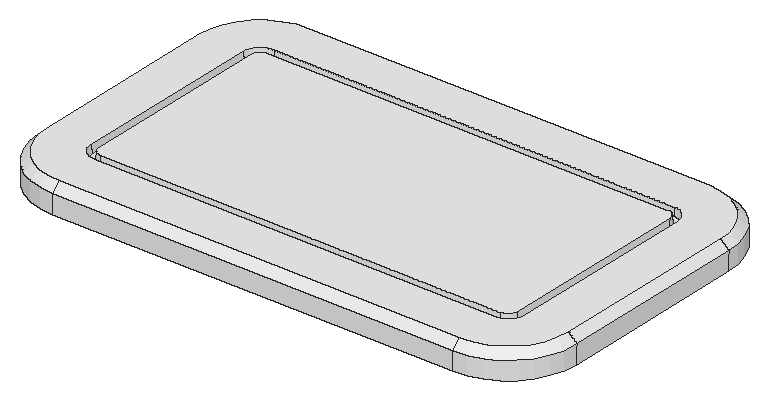
Revit family "Ifö Spira Art Floorstanding WC 6240", category Generic Models, Revit 2015
Parameters (values of type "Ifö Spira Art Floorstanding WC 6240")
  ifcExportType = "TOILETPAN"
  ifcExportAs = "IfcSanitaryTerminalType"
  WithoutSeat = not(WithSeat)  # no
  WithSeat = yes
  Width = 355.00 mm
  WasteConnectionDiameter = 110.00 mm
  WarrantyStartDate = "n/a"
  WarrantyGuarantorParts = "n/a"
  WarrantyGuarantorLabor = "n/a"
  WarrantyDurationUnit = "n/a"
  WarrantyDurationParts = "n/a"
  WarrantyDurationLabor = "n/a"
  WarrantyDescription = "n/a"
  URL.se = "http://www.ifo.se/produkter/toaletter-bideer-urinoarer/"
  URL.no = "http://www.ifosanitar.no/produkter/toaletter-bideer-og-urinaler/"
  URL.dk = "http://www.ifo.dk/produkter/toiletter-bideter-og-urinaler/"
  URL = "n/a"
  Type Comments = "n/a"
  Type = "Building element"
  TagNumber = "n/a"
  SustainabilityPerformance = "n/a"
  Size = "355x860x650"
  Shape = "n/a"
  Serie = "Spira Art"
  SerialNumber = "n/a"
  Seatnotincluded(option) = yes
  ReplacementCost = "n/a"
  NominalWidth = 355.00 mm
  NominalHeight = 860.00 mm
  NominalDepth = 650.00 mm
  Name = "Ifö Spira Art floorstanding WC 6240"
  MountingHeight(offset) = 420.00 mm
  ModelReference = "Spira Art"
  ModelNumber = "6240"
  Model = "Ifö Spira Art WC 6240"
  Material = "Porcelain"
  Manufacturer = "Geberit"
  Keynote = "n/a"
  InstallationDate = "n/a"
  Height = 860.00 mm
  Grade = "n/a"
  FlushButtonMaterial = Ifö Chrome
  Finish = "Glazed"
  Features = "feature1, feature2, feature34"
  ExpectedLife = "n/a"
  DurationUnit = "n/a"
  DrainSize = 0.00 mm
  Description = "Ifö Spira Art floorstanding WC 6240"
  Depth = 650.00 mm
  Constituents = "n/a"
  ConnectorOut_OffsetFromWall = 300.00 mm
  ConnectorIn_OffsetFromWall = 100.00 mm
  ConnectorIn_HDistance = 125.00 mm
  Color = "White"
  ColdWaterConnectionHeight = 340.00 mm
  ColdWaterConnectionDiameter = 20.00 mm
  CodePerformance = "n/a"
  Category = "WC"
  CE labeling = "n/a"
  Brand = "Ifö"
  BarCode = "n/a"
  BIMObjectName = "Ifö Spira Art Floorstanding WC 6240"
  AssetType = "n/a"
  AssetIdentifier = "n/a"
  AccessibilityPerformance = "n/a"
Reference planes
  plane 1 "Center (Front/Back)": y = 0
  plane 2: z = 0
  plane 3 "Center (Left/Right)": x = 0
  plane 4 "Out": z = 0
  plane 5 "In": z = 340
Forms (mm)
  Sweep 1, solid, material "Ifö Chrome" <- "FlushButtonMaterial"
    path in 3D
      loop
        arc (-33.1, -121.86, 851.874) -> (-32.338, -123.698, 851.874) -> (-30.5, -124.46, 851.874) r 2.6
        line (-30.5, -124.46, 851.874) -> (30.5, -124.46, 851.874)
        arc (30.5, -124.46, 851.874) -> (32.338, -123.698, 851.874) -> (33.1, -121.86, 851.874) r 2.6
        line (33.1, -121.86, 851.874) -> (33.1, -92.86, 851.874)
        arc (33.1, -92.86, 851.874) -> (32.338, -91.021, 851.874) -> (30.5, -90.26, 851.874) r 2.6
        line (30.5, -90.26, 851.874) -> (-30.5, -90.26, 851.874)
        arc (-30.5, -90.26, 851.874) -> (-32.338, -91.021, 851.874) -> (-33.1, -92.86, 851.874) r 2.6
        line (-33.1, -92.86, 851.874) -> (-33.1, -121.86, 851.874)
    profile origin (-33.1, -107.36, 851.874) x (1, 0, 0) y (0, 0, 1)
      loop
        line (0, 0) -> (-6.649, 0) -> (-7.9, -1.251) -> (-7.9, -4) -> (2.195, -4) -> (2.195, 0) -> (1.2, 0) -> (1.1, -1.251) -> (0.1, -1.251) -> (0, 0)
  Extrusion 2, solid, material "Ifö Chrome" <- "FlushButtonMaterial"
    sketch origin (-396.256, -18.358, 863.386) x (-1, 0, 0) y (0, -1, 0)
      loop
        line (-365.351, 103.906) -> (-427.16, 103.906) -> (-427.16, 74.097) -> (-365.351, 74.097) -> (-365.351, 103.906)
    from -15.513 to -11.513
Cuts and joins
  joined: Sweep 1, Extrusion 2
Lines and regions (mm)
  Masking region 1, visible <- "WithSeat"
    outline origin (0, 0, 0) x (0, 1, 0) y (0, 0, 1)
      loop
        arc (-642.466, 416.528) -> (-643.337, 416.501) -> (-644.205, 416.419) r 13.91
        arc (-644.205, 416.419) -> (-645.058, 416.24) -> (-645.871, 415.925) r 5.353
        arc (-645.871, 415.925) -> (-646.889, 415.118) -> (-647.472, 413.956) r 3
        arc (-647.472, 413.956) -> (-647.687, 412.807) -> (-647.76, 411.64) r 9.576
        arc (-647.76, 411.64) -> (-647.46, 408.083) -> (-646.555, 404.63) r 20.781
        arc (-646.555, 404.63) -> (-646.371, 403.978) -> (-646.171, 403.33) r 26.411
        arc (-646.171, 403.33) -> (-644.76, 399.368) -> (-643.12, 395.495) r 71.986
        arc (-643.12, 395.495) -> (-640.234, 388.966) -> (-637.524, 382.361) r 265.244
        arc (-637.524, 382.361) -> (-635.584, 377.373) -> (-633.695, 372.364) r 528.602
        arc (-633.695, 372.364) -> (-631.36, 366.358) -> (-628.844, 360.426) r 212.346
        arc (-628.844, 360.426) -> (-626.542, 355.16) -> (-624.287, 349.875) r 661.863
        arc (-624.287, 349.875) -> (-622.491, 345.818) -> (-620.552, 341.827) r 125.019
        arc (-620.552, 341.827) -> (-612.314, 325.656) -> (-604.034, 309.506) r 7255.77
        arc (-604.034, 309.506) -> (-598.894, 299.766) -> (-593.548, 290.136) r 518.645
        arc (-593.548, 290.136) -> (-591.617, 286.736) -> (-589.692, 283.333) r 2113.119
        arc (-589.692, 283.333) -> (-588.392, 281.057) -> (-587.065, 278.797) r 233.756
        arc (-587.065, 278.797) -> (-585.234, 275.7) -> (-583.417, 272.595) r 807.075
        arc (-583.417, 272.595) -> (-572.033, 255.38) -> (-559.286, 239.149) r 253.359
        arc (-559.286, 239.149) -> (-556.978, 236.479) -> (-554.635, 233.839) r 275.965
        arc (-554.635, 233.839) -> (-538.534, 215.663) -> (-521.65, 198.211) r 552.843
        arc (-521.65, 198.211) -> (-507.954, 183.585) -> (-495.416, 167.956) r 261.914
        arc (-495.416, 167.956) -> (-484.599, 149.756) -> (-478.873, 129.374) r 80.912
        arc (-478.873, 129.374) -> (-477.417, 115.921) -> (-476.899, 102.398) r 194.402
        arc (-476.899, 102.398) -> (-477.011, 84.275) -> (-477.47, 66.158) r 945.805
        line (-477.47, 66.158) -> (-479.78, 0) -> (-2.223, 0) -> (-2.223, 366.715)
        arc (-2.223, 366.715) -> (-2.325, 389.56) -> (-2.63, 412.403) r 2567.809
        arc (-2.63, 412.403) -> (-2.863, 419.352) -> (-3.315, 426.29) r 220.719
        arc (-3.315, 426.29) -> (-3.782, 429.786) -> (-4.61, 433.213) r 33.888
        arc (-4.61, 433.213) -> (-5.609, 434.858) -> (-7.289, 435.799) r 3.785
        arc (-7.289, 435.799) -> (-9.971, 436.374) -> (-12.692, 436.721) r 32.56
        arc (-12.692, 436.721) -> (-23.26, 437.394) -> (-33.848, 437.619) r 249.693
        line (-33.848, 437.619) -> (-165.159, 437.619)
        arc (-165.159, 437.619) -> (-170.226, 437.588) -> (-175.292, 437.493) r 407.838
        arc (-175.292, 437.493) -> (-181.211, 436.282) -> (-186.343, 433.093) r 17.153
        line (-186.343, 433.093) -> (-199.585, 421.169)
        arc (-199.585, 421.169) -> (-201.92, 419.445) -> (-204.542, 418.203) r 15
        arc (-204.542, 418.203) -> (-209.297, 416.883) -> (-214.196, 416.286) r 33.04
        arc (-214.196, 416.286) -> (-217.282, 416.158) -> (-220.369, 416.06) r 310.603
        arc (-220.369, 416.06) -> (-223.07, 417.952) -> (-225.559, 420.115) r 31.685
        arc (-225.559, 420.115) -> (-227.679, 422.422) -> (-229.507, 424.966) r 26.056
        arc (-229.507, 424.966) -> (-231.688, 428.502) -> (-233.797, 432.082) r 204.726
        arc (-233.797, 432.082) -> (-233.656, 435.935) -> (-234.664, 439.656) r 12.85
        arc (-234.664, 439.656) -> (-234.489, 440.704) -> (-234.485, 441.766) r 6.519
        arc (-234.485, 441.766) -> (-234.561, 442.385) -> (-234.691, 442.996) r 7.157
        arc (-234.691, 442.996) -> (-234.865, 443.512) -> (-235.11, 444) r 3.839
        arc (-235.11, 444) -> (-235.381, 444.405) -> (-235.693, 444.781) r 4.708
        arc (-235.693, 444.781) -> (-236.221, 445.275) -> (-236.817, 445.687) r 4.906
        arc (-236.817, 445.687) -> (-237.627, 446.096) -> (-238.483, 446.399) r 7.151
        arc (-238.483, 446.399) -> (-239.743, 446.695) -> (-241.024, 446.875) r 14.134
        arc (-241.024, 446.875) -> (-242.26, 446.96) -> (-243.498, 446.986) r 25.477
        arc (-243.498, 446.986) -> (-244.654, 447.2) -> (-245.824, 447.309) r 12.85
        arc (-245.824, 447.309) -> (-242.686, 455.162) -> (-239.757, 463.095) r 318.94
        arc (-239.757, 463.095) -> (-239.77, 465.681) -> (-241.43, 467.665) r 3.815
        arc (-241.43, 467.665) -> (-242.889, 468.375) -> (-244.437, 468.861) r 10.864
        arc (-244.437, 468.861) -> (-246.778, 469.296) -> (-249.149, 469.519) r 26.359
        arc (-249.149, 469.519) -> (-252.605, 469.619) -> (-256.061, 469.584) r 88.485
        arc (-256.061, 469.584) -> (-262.374, 469.353) -> (-268.683, 469.038) r 467.709
        arc (-268.683, 469.038) -> (-287.778, 467.994) -> (-306.876, 467.031) r 4523.199
        arc (-306.876, 467.031) -> (-317.282, 466.439) -> (-327.676, 465.668) r 607.985
        arc (-327.676, 465.668) -> (-423.698, 459.378) -> (-519.576, 451.188) r 4858.045
        line (-519.576, 451.188) -> (-606.887, 443.243)
        arc (-606.887, 443.243) -> (-623.443, 441.82) -> (-639.987, 440.262) r 2043.109
        arc (-639.987, 440.262) -> (-644.555, 439.709) -> (-649.094, 438.95) r 101.972
        arc (-649.094, 438.95) -> (-651.588, 438.4) -> (-654.046, 437.705) r 44.043
        arc (-654.046, 437.705) -> (-655.759, 437.066) -> (-657.396, 436.25) r 17.327
        arc (-657.396, 436.25) -> (-658.308, 435.616) -> (-659.088, 434.823) r 6.008
        arc (-659.088, 434.823) -> (-659.358, 434.448) -> (-659.579, 434.041) r 3.743
        arc (-659.579, 434.041) -> (-659.81, 433.28) -> (-659.817, 432.485) r 2.792
        arc (-659.817, 432.485) -> (-659.7, 431.863) -> (-659.517, 431.256) r 6.012
        arc (-659.517, 431.256) -> (-659.258, 430.678) -> (-658.914, 430.147) r 4.147
        arc (-658.914, 430.147) -> (-658.114, 430.181) -> (-657.314, 430.21) r 104.014
        arc (-657.314, 430.21) -> (-635.336, 430.799) -> (-613.352, 431.177) r 2282.141
        line (-613.352, 431.177) -> (-314.665, 434.871)
        arc (-314.665, 434.871) -> (-308.932, 434.933) -> (-303.199, 434.977) r 1854.73
        arc (-303.199, 434.977) -> (-305.231, 434.334) -> (-307.326, 433.937) r 17.832
        arc (-307.326, 433.937) -> (-323.691, 432) -> (-340.091, 430.375) r 868.8
        arc (-340.091, 430.375) -> (-392.735, 426.541) -> (-445.478, 424.463) r 1585.154
        arc (-445.478, 424.463) -> (-504.951, 423.769) -> (-564.425, 424.389) r 2690.213
        arc (-564.425, 424.389) -> (-598.955, 424.829) -> (-633.487, 424.667) r 1978.028
        arc (-633.487, 424.667) -> (-640.51, 424.51) -> (-647.53, 424.227) r 391.884
        arc (-647.53, 424.227) -> (-649.827, 423.933) -> (-652.051, 423.285) r 14.87
        arc (-652.051, 423.285) -> (-653.223, 422.712) -> (-654.266, 421.929) r 6.939
        arc (-654.266, 421.929) -> (-654.748, 421.381) -> (-655.095, 420.739) r 3.25
        arc (-655.095, 420.739) -> (-655.287, 420.147) -> (-655.396, 419.534) r 4.511
        arc (-655.396, 419.534) -> (-655.426, 418.966) -> (-655.393, 418.398) r 5.183
        arc (-655.393, 418.398) -> (-655.286, 417.702) -> (-655.123, 417.017) r 8.825
        arc (-655.123, 417.017) -> (-645.569, 417.038) -> (-636.014, 417.092) r 2811.291
        arc (-636.014, 417.092) -> (-624.567, 417.164) -> (-613.119, 417.213) r 5518.219
        line (-613.119, 417.213) -> (-611.932, 416.528) -> (-642.466, 416.528)
      loop
        arc (-297.595, 416.512) -> (-274.228, 416.47) -> (-250.863, 416.16) r 2041.512
        line (-250.863, 416.16) -> (-254.536, 424.509)
        arc (-254.536, 424.509) -> (-258.207, 429.35) -> (-259.243, 435.336) r 12.85
        arc (-259.243, 435.336) -> (-260.778, 435.21) -> (-262.314, 435.112) r 84.838
        arc (-262.314, 435.112) -> (-264.374, 434.357) -> (-266.237, 433.198) r 10.726
        arc (-266.237, 433.198) -> (-267.284, 432.226) -> (-268.14, 431.081) r 7.957
        arc (-268.14, 431.081) -> (-268.379, 430.671) -> (-268.596, 430.249) r 9.146
        arc (-268.596, 430.249) -> (-268.808, 429.803) -> (-269.015, 429.355) r 47.754
        arc (-269.015, 429.355) -> (-269.318, 428.715) -> (-269.642, 428.086) r 22.639
        arc (-269.642, 428.086) -> (-270.705, 426.576) -> (-272.105, 425.372) r 7.511
        arc (-272.105, 425.372) -> (-272.518, 425.105) -> (-272.938, 424.849) r 17.888
        arc (-272.938, 424.849) -> (-273.541, 424.525) -> (-274.167, 424.247) r 8.932
        arc (-274.167, 424.247) -> (-276.993, 423.298) -> (-279.905, 422.664) r 27.142
        arc (-279.905, 422.664) -> (-280.532, 422.562) -> (-281.159, 422.456) r 121.808
        arc (-281.159, 422.456) -> (-282.617, 422.242) -> (-284.083, 422.098) r 30.632
        arc (-284.083, 422.098) -> (-290.632, 421.685) -> (-297.188, 421.408) r 313.727
        arc (-297.188, 421.408) -> (-296.039, 421.447) -> (-294.889, 421.489) r 313.727
        line (-294.889, 421.489) -> (-297.595, 416.512)
      loop
        arc (-6.211, 441.977) -> (-4.643, 442.04) -> (-3.087, 442.231) r 19.297
        arc (-3.087, 442.231) -> (-2.351, 442.407) -> (-1.648, 442.688) r 5.225
        arc (-1.648, 442.688) -> (-0.718, 443.467) -> (-0.265, 444.592) r 2.5
        arc (-0.265, 444.592) -> (-0.194, 445.295) -> (-0.174, 446.001) r 9.54
        arc (-0.174, 446.001) -> (-3.474, 635.978) -> (-9.592, 825.885) r 12802.1
        arc (-9.592, 825.885) -> (-10.053, 831.812) -> (-10.963, 837.686) r 78.216
        arc (-10.963, 837.686) -> (-11.648, 840.26) -> (-12.679, 842.717) r 19.463
        arc (-12.679, 842.717) -> (-13.776, 844.346) -> (-15.249, 845.646) r 7.735
        arc (-15.249, 845.646) -> (-16.902, 846.555) -> (-18.696, 847.14) r 10.114
        arc (-18.696, 847.14) -> (-22.598, 847.866) -> (-26.544, 848.289) r 51.637
        arc (-26.544, 848.289) -> (-34.278, 848.722) -> (-42.02, 848.96) r 307.828
        arc (-42.02, 848.96) -> (-50.339, 849.135) -> (-58.657, 849.354) r 1510.861
        arc (-58.657, 849.354) -> (-69.728, 849.85) -> (-80.779, 850.688) r 357.289
        arc (-80.779, 850.688) -> (-82.369, 850.84) -> (-83.965, 850.911) r 31.557
        arc (-83.965, 850.911) -> (-86.729, 850.976) -> (-89.492, 851.065) r 318.671
        arc (-89.492, 851.065) -> (-94.383, 851.211) -> (-99.276, 851.291) r 365.211
        arc (-99.276, 851.291) -> (-104.936, 851.363) -> (-110.596, 851.468) r 956.053
        arc (-110.596, 851.468) -> (-114.383, 851.504) -> (-118.169, 851.449) r 156.715
        arc (-118.169, 851.449) -> (-123.591, 851.252) -> (-129.008, 850.951) r 282.942
        arc (-129.008, 850.951) -> (-133.35, 850.499) -> (-137.645, 849.716) r 56.763
        arc (-137.645, 849.716) -> (-139.921, 849.064) -> (-142.104, 848.146) r 19.814
        arc (-142.104, 848.146) -> (-145.583, 845.991) -> (-148.586, 843.21) r 21.272
        arc (-148.586, 843.21) -> (-150.974, 840.135) -> (-152.932, 836.77) r 29.151
        arc (-152.932, 836.77) -> (-155.779, 830.069) -> (-157.829, 823.083) r 62.597
        arc (-157.829, 823.083) -> (-161.841, 803.524) -> (-164.873, 783.789) r 400.425
        arc (-164.873, 783.789) -> (-169.256, 746.761) -> (-172.922, 709.655) r 1927.622
        arc (-172.922, 709.655) -> (-177.717, 653.871) -> (-182.169, 598.058) r 9115.191
        arc (-182.169, 598.058) -> (-185.597, 540.803) -> (-187.11, 483.466) r 1715.958
        arc (-187.11, 483.466) -> (-187.343, 464.473) -> (-187.673, 445.482) r 3694.212
        arc (-187.673, 445.482) -> (-187.66, 444.904) -> (-187.598, 444.329) r 6.802
        arc (-187.598, 444.329) -> (-187.364, 443.649) -> (-186.903, 443.097) r 1.989
        arc (-186.903, 443.097) -> (-186.054, 442.56) -> (-185.095, 442.259) r 3.878
        arc (-185.095, 442.259) -> (-183.487, 442.047) -> (-181.866, 441.977) r 18.619
        line (-181.866, 441.977) -> (-6.211, 441.977)
  Masking region 2
    outline origin (175.167, -38.272, 853.588) x (1, 0, 0) y (0, 1, 0)
      loop
        arc (-205.667, -44.089) -> (-213.091, -47.164) -> (-216.166, -54.588) r 10.499
        line (-216.166, -54.588) -> (-216.166, -83.588)
        arc (-216.166, -83.588) -> (-213.091, -91.012) -> (-205.667, -94.087) r 10.499
        line (-205.667, -94.087) -> (-144.667, -94.087)
        arc (-144.667, -94.087) -> (-137.242, -91.012) -> (-134.167, -83.588) r 10.499
        line (-134.167, -83.588) -> (-134.167, -54.588)
        arc (-134.167, -54.588) -> (-137.242, -47.164) -> (-144.667, -44.089) r 10.499
        line (-144.667, -44.089) -> (-205.667, -44.089)
  Masking region 3
    outline origin (0, 0, 0) x (0, 1, 0) y (0, 0, 1)
      loop
        line (-83.611, 851.874) -> (-131.109, 851.874) -> (-132.35, 850.633)
        arc (-132.35, 850.633) -> (-130.681, 850.817) -> (-129.008, 850.951) r 56.763
        arc (-129.008, 850.951) -> (-123.591, 851.252) -> (-118.169, 851.449) r 282.942
        arc (-118.169, 851.449) -> (-114.383, 851.504) -> (-110.596, 851.468) r 156.715
        arc (-110.596, 851.468) -> (-104.936, 851.363) -> (-99.276, 851.291) r 956.053
        arc (-99.276, 851.291) -> (-94.383, 851.211) -> (-89.492, 851.065) r 365.211
        arc (-89.492, 851.065) -> (-86.729, 850.976) -> (-83.965, 850.911) r 318.671
        arc (-83.965, 850.911) -> (-83.278, 850.89) -> (-82.591, 850.854) r 31.557
        line (-82.591, 850.854) -> (-83.611, 851.874)
  Masking region 4, visible <- "WithSeat"
    outline origin (500, 0, 0) x (1, 0, 0) y (0, 1, 0)
      loop
        arc (-459.001, -92.86) -> (-462.076, -85.436) -> (-469.5, -82.361) r 10.499
        line (-469.5, -82.361) -> (-530.5, -82.361)
        arc (-530.5, -82.361) -> (-537.924, -85.436) -> (-540.999, -92.86) r 10.499
        line (-540.999, -92.86) -> (-540.999, -121.86)
        arc (-540.999, -121.86) -> (-537.924, -129.284) -> (-530.5, -132.359) r 10.499
        line (-530.5, -132.359) -> (-469.5, -132.359)
        arc (-469.5, -132.359) -> (-462.076, -129.284) -> (-459.001, -121.86) r 10.499
        line (-459.001, -121.86) -> (-459.001, -92.86)
      loop
        line (-325.124, -153.418) -> (-331.503, -62.186)
        arc (-331.503, -62.186) -> (-333.867, -46.156) -> (-338.648, -30.675) r 105.903
        arc (-338.648, -30.675) -> (-345.944, -19.105) -> (-356.955, -10.989) r 36.882
        arc (-356.955, -10.989) -> (-373.032, -5.16) -> (-389.951, -2.666) r 85.01
        arc (-389.951, -2.666) -> (-444.961, -0.784) -> (-500, -0.156) r 2414.258
        arc (-500, -0.156) -> (-555.039, -0.784) -> (-610.049, -2.666) r 2414.258
        arc (-610.049, -2.666) -> (-626.968, -5.16) -> (-643.045, -10.989) r 85.01
        arc (-643.045, -10.989) -> (-654.056, -19.105) -> (-661.352, -30.675) r 36.882
        arc (-661.352, -30.675) -> (-666.133, -46.156) -> (-668.497, -62.186) r 105.903
        line (-668.497, -62.186) -> (-674.876, -153.418)
        arc (-674.876, -153.418) -> (-675.269, -159.981) -> (-675.529, -166.551) r 325.808
        arc (-675.529, -166.551) -> (-675.472, -171.872) -> (-674.99, -177.172) r 66.39
        arc (-674.99, -177.172) -> (-674.624, -178.93) -> (-674.004, -180.616) r 12.161
        arc (-674.004, -180.616) -> (-674.108, -182.809) -> (-674.173, -185.003) r 123.865
        arc (-674.173, -185.003) -> (-674.276, -190.269) -> (-674.368, -195.535) r 2467.275
        arc (-674.368, -195.535) -> (-674.525, -200.695) -> (-674.824, -205.85) r 185.978
        arc (-674.824, -205.85) -> (-675.32, -213.935) -> (-675.642, -222.03) r 377.893
        line (-675.642, -222.03) -> (-676.523, -252.315)
        arc (-676.523, -252.315) -> (-678.324, -253.582) -> (-679.902, -255.118) r 13.922
        arc (-679.902, -255.118) -> (-682.161, -258.446) -> (-683.535, -262.225) r 16.292
        arc (-683.535, -262.225) -> (-684.451, -267.335) -> (-684.875, -272.508) r 54.399
        arc (-684.875, -272.508) -> (-685.59, -309.612) -> (-685.202, -346.721) r 1248.976
        arc (-685.202, -346.721) -> (-684.502, -381.242) -> (-684.148, -415.769) r 3441.524
        arc (-684.148, -415.769) -> (-682.392, -450.846) -> (-677.504, -485.625) r 392.16
        arc (-677.504, -485.625) -> (-671.678, -509.578) -> (-663.294, -532.76) r 227.537
        arc (-663.294, -532.76) -> (-657.978, -544.432) -> (-652.058, -555.809) r 244.887
        arc (-652.058, -555.809) -> (-644.778, -568.137) -> (-636.83, -580.046) r 260.189
        arc (-636.83, -580.046) -> (-620.382, -600.656) -> (-601.675, -619.24) r 229.243
        arc (-601.675, -619.24) -> (-591.806, -627.358) -> (-581.375, -634.74) r 176.266
        arc (-581.375, -634.74) -> (-559.494, -646.707) -> (-536.001, -655.077) r 157.823
        arc (-536.001, -655.077) -> (-518.158, -658.646) -> (-500, -659.843) r 138.377
        arc (-500, -659.843) -> (-481.842, -658.646) -> (-463.999, -655.077) r 138.377
        arc (-463.999, -655.077) -> (-440.506, -646.707) -> (-418.625, -634.74) r 157.823
        arc (-418.625, -634.74) -> (-408.194, -627.358) -> (-398.325, -619.24) r 176.266
        arc (-398.325, -619.24) -> (-379.618, -600.656) -> (-363.17, -580.046) r 229.243
        arc (-363.17, -580.046) -> (-355.222, -568.137) -> (-347.942, -555.809) r 260.189
        arc (-347.942, -555.809) -> (-342.022, -544.432) -> (-336.706, -532.76) r 244.887
        arc (-336.706, -532.76) -> (-328.322, -509.578) -> (-322.496, -485.625) r 227.537
        arc (-322.496, -485.625) -> (-317.608, -450.846) -> (-315.852, -415.769) r 392.16
        arc (-315.852, -415.769) -> (-315.498, -381.242) -> (-314.798, -346.721) r 3441.524
        arc (-314.798, -346.721) -> (-314.41, -309.612) -> (-315.125, -272.508) r 1248.976
        arc (-315.125, -272.508) -> (-315.549, -267.335) -> (-316.465, -262.225) r 54.399
        arc (-316.465, -262.225) -> (-317.839, -258.446) -> (-320.098, -255.118) r 16.292
        arc (-320.098, -255.118) -> (-321.676, -253.582) -> (-323.477, -252.315) r 13.922
        line (-323.477, -252.315) -> (-324.358, -222.03)
        arc (-324.358, -222.03) -> (-324.68, -213.935) -> (-325.176, -205.85) r 377.893
        arc (-325.176, -205.85) -> (-325.475, -200.695) -> (-325.632, -195.535) r 185.978
        arc (-325.632, -195.535) -> (-325.724, -190.269) -> (-325.827, -185.003) r 2467.275
        arc (-325.827, -185.003) -> (-325.892, -182.809) -> (-325.996, -180.616) r 123.865
        arc (-325.996, -180.616) -> (-325.376, -178.93) -> (-325.01, -177.172) r 12.161
        arc (-325.01, -177.172) -> (-324.528, -171.872) -> (-324.471, -166.551) r 66.39
        arc (-324.471, -166.551) -> (-324.731, -159.981) -> (-325.124, -153.418) r 325.808
  Masking region 5, visible <- "WithoutSeat"
    outline origin (500, 0, 0) x (1, 0, 0) y (0, 1, 0)
      loop
        arc (-459.001, -92.86) -> (-462.076, -85.436) -> (-469.5, -82.361) r 10.499
        line (-469.5, -82.361) -> (-530.5, -82.361)
        arc (-530.5, -82.361) -> (-537.924, -85.436) -> (-540.999, -92.86) r 10.499
        line (-540.999, -92.86) -> (-540.999, -121.86)
        arc (-540.999, -121.86) -> (-537.924, -129.284) -> (-530.5, -132.359) r 10.499
        line (-530.5, -132.359) -> (-469.5, -132.359)
        arc (-469.5, -132.359) -> (-462.076, -129.284) -> (-459.001, -121.86) r 10.499
        line (-459.001, -121.86) -> (-459.001, -92.86)
      loop
        line (-325.124, -153.418) -> (-331.503, -62.186)
        arc (-331.503, -62.186) -> (-333.867, -46.156) -> (-338.648, -30.675) r 105.903
        arc (-338.648, -30.675) -> (-345.944, -19.105) -> (-356.955, -10.989) r 36.882
        arc (-356.955, -10.989) -> (-373.032, -5.16) -> (-389.951, -2.666) r 85.01
        arc (-389.951, -2.666) -> (-444.961, -0.784) -> (-500, -0.156) r 2414.258
        arc (-500, -0.156) -> (-555.039, -0.784) -> (-610.049, -2.666) r 2414.258
        arc (-610.049, -2.666) -> (-626.968, -5.16) -> (-643.045, -10.989) r 85.01
        arc (-643.045, -10.989) -> (-654.056, -19.105) -> (-661.352, -30.675) r 36.882
        arc (-661.352, -30.675) -> (-666.133, -46.156) -> (-668.497, -62.186) r 105.903
        line (-668.497, -62.186) -> (-674.876, -153.418)
        arc (-674.876, -153.418) -> (-675.269, -159.981) -> (-675.529, -166.551) r 325.808
        arc (-675.529, -166.551) -> (-675.472, -171.872) -> (-674.99, -177.172) r 66.39
        arc (-674.99, -177.172) -> (-674.624, -178.93) -> (-674.004, -180.616) r 12.161
        arc (-674.004, -180.616) -> (-674.108, -182.809) -> (-674.173, -185.003) r 123.865
        arc (-674.173, -185.003) -> (-674.276, -190.269) -> (-674.368, -195.535) r 2467.275
        arc (-674.368, -195.535) -> (-674.525, -200.695) -> (-674.824, -205.85) r 185.978
        arc (-674.824, -205.85) -> (-675.32, -213.935) -> (-675.642, -222.03) r 377.893
        line (-675.642, -222.03) -> (-676.523, -252.315)
        arc (-676.523, -252.315) -> (-676.931, -270.473) -> (-677.1, -288.634) r 1379.948
        arc (-677.1, -288.634) -> (-676.964, -324.027) -> (-676.361, -359.414) r 2683.417
        arc (-676.361, -359.414) -> (-675.906, -382.879) -> (-675.649, -406.347) r 2771.97
        arc (-675.649, -406.347) -> (-675.235, -422.058) -> (-674.204, -437.74) r 399.701
        arc (-674.204, -437.74) -> (-673.176, -448.144) -> (-671.877, -458.518) r 399.701
        arc (-671.877, -458.518) -> (-669.299, -473.79) -> (-665.821, -488.884) r 261.712
        arc (-665.821, -488.884) -> (-661.943, -502.635) -> (-657.551, -516.23) r 379.622
        arc (-657.551, -516.23) -> (-647.423, -541.104) -> (-634.61, -564.706) r 242.723
        arc (-634.61, -564.706) -> (-624.958, -578.965) -> (-614.137, -592.358) r 203.606
        arc (-614.137, -592.358) -> (-605.231, -601.727) -> (-595.636, -610.388) r 169.256
        arc (-595.636, -610.388) -> (-582.98, -620.065) -> (-569.534, -628.611) r 183.957
        arc (-569.534, -628.611) -> (-559.34, -633.918) -> (-548.729, -638.335) r 134.247
        arc (-548.729, -638.335) -> (-539.205, -641.557) -> (-529.529, -644.294) r 198.602
        arc (-529.529, -644.294) -> (-514.88, -647.013) -> (-500, -647.759) r 111.693
        arc (-500, -647.759) -> (-485.12, -647.013) -> (-470.471, -644.294) r 111.693
        arc (-470.471, -644.294) -> (-460.795, -641.557) -> (-451.271, -638.335) r 198.602
        arc (-451.271, -638.335) -> (-440.66, -633.918) -> (-430.466, -628.611) r 134.247
        arc (-430.466, -628.611) -> (-417.02, -620.065) -> (-404.364, -610.388) r 183.957
        arc (-404.364, -610.388) -> (-394.769, -601.727) -> (-385.863, -592.358) r 169.256
        arc (-385.863, -592.358) -> (-375.042, -578.965) -> (-365.39, -564.706) r 203.606
        arc (-365.39, -564.706) -> (-352.577, -541.104) -> (-342.449, -516.23) r 242.723
        arc (-342.449, -516.23) -> (-338.057, -502.635) -> (-334.179, -488.884) r 379.622
        arc (-334.179, -488.884) -> (-330.701, -473.79) -> (-328.123, -458.518) r 261.712
        arc (-328.123, -458.518) -> (-326.824, -448.144) -> (-325.796, -437.74) r 399.701
        arc (-325.796, -437.74) -> (-324.765, -422.058) -> (-324.351, -406.347) r 399.701
        arc (-324.351, -406.347) -> (-324.094, -382.879) -> (-323.639, -359.414) r 2771.97
        arc (-323.639, -359.414) -> (-323.036, -324.027) -> (-322.9, -288.634) r 2683.417
        arc (-322.9, -288.634) -> (-323.069, -270.473) -> (-323.477, -252.315) r 1379.948
        line (-323.477, -252.315) -> (-324.358, -222.03)
        arc (-324.358, -222.03) -> (-324.68, -213.935) -> (-325.176, -205.85) r 377.893
        arc (-325.176, -205.85) -> (-325.475, -200.695) -> (-325.632, -195.535) r 185.978
        arc (-325.632, -195.535) -> (-325.724, -190.269) -> (-325.827, -185.003) r 2467.275
        arc (-325.827, -185.003) -> (-325.892, -182.809) -> (-325.996, -180.616) r 123.865
        arc (-325.996, -180.616) -> (-325.376, -178.93) -> (-325.01, -177.172) r 12.161
        arc (-325.01, -177.172) -> (-324.528, -171.872) -> (-324.471, -166.551) r 66.39
        arc (-324.471, -166.551) -> (-324.731, -159.981) -> (-325.124, -153.418) r 325.808
  Masking region 6, visible <- "WithSeat"
    outline origin (500, 0, 0) x (1, 0, 0) y (0, 0, 1)
      loop
        arc (-371.208, 839.755) -> (-414.967, 845.816) -> (-459, 849.388) r 779.536
        line (-459, 849.388) -> (-459, 850.623) -> (-460.251, 851.874) -> (-539.749, 851.874) -> (-541, 850.623) -> (-541, 849.388)
        arc (-541, 849.388) -> (-585.033, 845.816) -> (-628.792, 839.755) r 779.536
        arc (-628.792, 839.755) -> (-634.691, 838.412) -> (-640.396, 836.397) r 52.323
        arc (-640.396, 836.397) -> (-649.322, 830.048) -> (-654.678, 820.493) r 25
        arc (-654.678, 820.493) -> (-658.258, 806.139) -> (-660.519, 791.519) r 162.561
        arc (-660.519, 791.519) -> (-664.779, 746.41) -> (-667.797, 701.2) r 1648.054
        arc (-667.797, 701.2) -> (-668.247, 693.607) -> (-668.794, 686.021) r 600.582
        arc (-668.794, 686.021) -> (-669.164, 680.411) -> (-669.396, 674.794) r 227.79
        arc (-669.396, 674.794) -> (-669.663, 667.211) -> (-670.025, 659.633) r 603.718
        arc (-670.025, 659.633) -> (-671.786, 620.732) -> (-672.863, 581.807) r 2217.742
        arc (-672.863, 581.807) -> (-674.709, 514.175) -> (-675.635, 446.524) r 4980.453
        arc (-675.635, 446.524) -> (-676.925, 445.977) -> (-678.203, 445.4) r 62.13
        arc (-678.203, 445.4) -> (-680.728, 443.912) -> (-682.916, 441.961) r 15.025
        arc (-682.916, 441.961) -> (-684.386, 439.825) -> (-685.199, 437.363) r 9.154
        arc (-685.199, 437.363) -> (-685.252, 435.792) -> (-684.86, 434.269) r 5.52
        arc (-684.86, 434.269) -> (-684.592, 433.834) -> (-684.202, 433.503) r 1.632
        arc (-684.202, 433.503) -> (-683.753, 433.273) -> (-683.275, 433.112) r 3.433
        arc (-683.275, 433.112) -> (-682.415, 432.935) -> (-681.541, 432.845) r 8.798
        arc (-681.541, 432.845) -> (-677.261, 432.621) -> (-672.979, 432.449) r 348.348
        arc (-672.979, 432.449) -> (-673.111, 431.865) -> (-673.228, 431.278) r 21.434
        arc (-673.228, 431.278) -> (-676.061, 429.938) -> (-678.721, 428.279) r 27.076
        arc (-678.721, 428.279) -> (-681.465, 425.31) -> (-682.766, 421.482) r 9.735
        arc (-682.766, 421.482) -> (-682.67, 420.922) -> (-682.285, 420.504) r 1
        arc (-682.285, 420.504) -> (-681.381, 420.049) -> (-680.422, 419.726) r 7.173
        arc (-680.422, 419.726) -> (-680.012, 419.632) -> (-679.597, 419.562) r 7.173
        arc (-679.597, 419.562) -> (-677.631, 419.299) -> (-675.659, 419.086) r 78.776
        arc (-675.659, 419.086) -> (-674.971, 419.021) -> (-674.283, 418.959) r 193.146
        line (-674.283, 418.959) -> (-674.321, 416.255)
        arc (-674.321, 416.255) -> (-676.129, 414.773) -> (-676.934, 412.579) r 4.442
        arc (-676.934, 412.579) -> (-677.15, 406.548) -> (-676.766, 400.526) r 60.645
        line (-676.766, 400.526) -> (-672.924, 366.827)
        arc (-672.924, 366.827) -> (-665.127, 336.728) -> (-655.086, 307.301) r 412.669
        line (-655.086, 307.301) -> (-624.728, 228.216)
        arc (-624.728, 228.216) -> (-608.385, 168.844) -> (-603.905, 107.427) r 315
        line (-603.905, 107.427) -> (-606.601, 0) -> (-393.399, 0) -> (-396.095, 107.427)
        arc (-396.095, 107.427) -> (-391.615, 168.844) -> (-375.272, 228.216) r 315
        line (-375.272, 228.216) -> (-344.914, 307.301)
        arc (-344.914, 307.301) -> (-334.873, 336.728) -> (-327.076, 366.827) r 412.669
        line (-327.076, 366.827) -> (-323.234, 400.526)
        arc (-323.234, 400.526) -> (-322.85, 406.548) -> (-323.066, 412.579) r 60.645
        arc (-323.066, 412.579) -> (-323.871, 414.773) -> (-325.679, 416.255) r 4.442
        line (-325.679, 416.255) -> (-325.717, 418.959)
        arc (-325.717, 418.959) -> (-325.029, 419.021) -> (-324.341, 419.086) r 193.146
        arc (-324.341, 419.086) -> (-322.369, 419.299) -> (-320.403, 419.562) r 78.776
        arc (-320.403, 419.562) -> (-319.988, 419.632) -> (-319.578, 419.726) r 7.173
        arc (-319.578, 419.726) -> (-318.619, 420.049) -> (-317.715, 420.504) r 7.173
        arc (-317.715, 420.504) -> (-317.33, 420.922) -> (-317.234, 421.482) r 1
        arc (-317.234, 421.482) -> (-318.535, 425.31) -> (-321.279, 428.279) r 9.735
        arc (-321.279, 428.279) -> (-323.939, 429.938) -> (-326.772, 431.278) r 27.076
        arc (-326.772, 431.278) -> (-326.889, 431.865) -> (-327.021, 432.449) r 21.434
        arc (-327.021, 432.449) -> (-322.739, 432.621) -> (-318.459, 432.845) r 348.348
        arc (-318.459, 432.845) -> (-317.585, 432.935) -> (-316.725, 433.112) r 8.798
        arc (-316.725, 433.112) -> (-316.247, 433.273) -> (-315.798, 433.503) r 3.433
        arc (-315.798, 433.503) -> (-315.408, 433.834) -> (-315.14, 434.269) r 1.632
        arc (-315.14, 434.269) -> (-314.748, 435.792) -> (-314.801, 437.363) r 5.52
        arc (-314.801, 437.363) -> (-315.614, 439.825) -> (-317.084, 441.961) r 9.154
        arc (-317.084, 441.961) -> (-319.272, 443.912) -> (-321.797, 445.4) r 15.025
        arc (-321.797, 445.4) -> (-323.075, 445.977) -> (-324.365, 446.524) r 62.13
        arc (-324.365, 446.524) -> (-325.291, 514.175) -> (-327.137, 581.807) r 4980.453
        arc (-327.137, 581.807) -> (-328.214, 620.732) -> (-329.975, 659.633) r 2217.742
        arc (-329.975, 659.633) -> (-330.337, 667.211) -> (-330.604, 674.794) r 603.718
        arc (-330.604, 674.794) -> (-330.836, 680.411) -> (-331.206, 686.021) r 227.79
        arc (-331.206, 686.021) -> (-331.753, 693.607) -> (-332.203, 701.2) r 600.582
        arc (-332.203, 701.2) -> (-335.221, 746.41) -> (-339.481, 791.519) r 1648.054
        arc (-339.481, 791.519) -> (-341.742, 806.139) -> (-345.322, 820.493) r 162.561
        arc (-345.322, 820.493) -> (-350.678, 830.048) -> (-359.604, 836.397) r 25
        arc (-359.604, 836.397) -> (-365.309, 838.412) -> (-371.208, 839.755) r 52.323
  Masking region 7, visible <- "WithoutSeat"
    outline origin (500, 0, 0) x (1, 0, 0) y (0, 0, 1)
      loop
        arc (-371.208, 839.755) -> (-414.967, 845.816) -> (-459, 849.388) r 779.536
        line (-459, 849.388) -> (-459, 850.623) -> (-460.251, 851.874) -> (-539.749, 851.874) -> (-541, 850.623) -> (-541, 849.388)
        arc (-541, 849.388) -> (-585.033, 845.816) -> (-628.792, 839.755) r 779.536
        arc (-628.792, 839.755) -> (-634.691, 838.412) -> (-640.396, 836.397) r 52.323
        arc (-640.396, 836.397) -> (-649.322, 830.048) -> (-654.678, 820.493) r 25
        arc (-654.678, 820.493) -> (-658.258, 806.139) -> (-660.519, 791.519) r 162.561
        arc (-660.519, 791.519) -> (-664.779, 746.41) -> (-667.797, 701.2) r 1648.054
        arc (-667.797, 701.2) -> (-668.247, 693.607) -> (-668.794, 686.021) r 600.582
        arc (-668.794, 686.021) -> (-669.164, 680.411) -> (-669.396, 674.794) r 227.79
        arc (-669.396, 674.794) -> (-669.663, 667.211) -> (-670.025, 659.633) r 603.718
        arc (-670.025, 659.633) -> (-671.786, 620.732) -> (-672.863, 581.807) r 2217.742
        arc (-672.863, 581.807) -> (-674.709, 514.175) -> (-675.635, 446.524) r 4980.453
        arc (-675.635, 446.524) -> (-675.607, 445.354) -> (-675.506, 444.188) r 18.846
        arc (-675.506, 444.188) -> (-675.343, 443.668) -> (-675.002, 443.243) r 1.469
        arc (-675.002, 443.243) -> (-674.417, 442.823) -> (-673.769, 442.507) r 4.273
        arc (-673.769, 442.507) -> (-673.059, 442.278) -> (-672.328, 442.131) r 6.529
        arc (-672.328, 442.131) -> (-670.823, 441.989) -> (-669.313, 441.941) r 24.111
        line (-669.313, 441.941) -> (-330.687, 441.941)
        arc (-330.687, 441.941) -> (-329.177, 441.989) -> (-327.672, 442.131) r 24.111
        arc (-327.672, 442.131) -> (-326.941, 442.278) -> (-326.231, 442.507) r 6.529
        arc (-326.231, 442.507) -> (-325.583, 442.823) -> (-324.998, 443.243) r 4.273
        arc (-324.998, 443.243) -> (-324.657, 443.668) -> (-324.494, 444.188) r 1.469
        arc (-324.494, 444.188) -> (-324.393, 445.354) -> (-324.365, 446.524) r 18.846
        arc (-324.365, 446.524) -> (-325.291, 514.175) -> (-327.137, 581.807) r 4980.453
        arc (-327.137, 581.807) -> (-328.214, 620.732) -> (-329.975, 659.633) r 2217.742
        arc (-329.975, 659.633) -> (-330.337, 667.211) -> (-330.604, 674.794) r 603.718
        arc (-330.604, 674.794) -> (-330.836, 680.411) -> (-331.206, 686.021) r 227.79
        arc (-331.206, 686.021) -> (-331.753, 693.607) -> (-332.203, 701.2) r 600.582
        arc (-332.203, 701.2) -> (-335.221, 746.41) -> (-339.481, 791.519) r 1648.054
        arc (-339.481, 791.519) -> (-341.742, 806.139) -> (-345.322, 820.493) r 162.561
        arc (-345.322, 820.493) -> (-350.678, 830.048) -> (-359.604, 836.397) r 25
        arc (-359.604, 836.397) -> (-365.309, 838.412) -> (-371.208, 839.755) r 52.323
      loop
        line (-375.272, 228.216) -> (-344.914, 307.301)
        arc (-344.914, 307.301) -> (-334.873, 336.728) -> (-327.076, 366.827) r 412.669
        line (-327.076, 366.827) -> (-323.234, 400.526)
        arc (-323.234, 400.526) -> (-322.85, 406.548) -> (-323.066, 412.579) r 60.645
        arc (-323.066, 412.579) -> (-323.871, 414.773) -> (-325.679, 416.255) r 4.442
        line (-325.679, 416.255) -> (-325.717, 418.959)
        arc (-325.717, 418.959) -> (-325.775, 421.459) -> (-325.882, 423.958) r 129.968
        arc (-325.882, 423.958) -> (-325.996, 425.866) -> (-326.138, 427.772) r 129.968
        arc (-326.138, 427.772) -> (-326.265, 428.926) -> (-326.453, 430.072) r 21.383
        arc (-326.453, 430.072) -> (-326.807, 431.763) -> (-327.216, 433.441) r 53.739
        arc (-327.216, 433.441) -> (-327.689, 434.607) -> (-328.448, 435.611) r 4.822
        arc (-328.448, 435.611) -> (-329.793, 436.629) -> (-331.373, 437.221) r 5.845
        arc (-331.373, 437.221) -> (-333.317, 437.543) -> (-335.283, 437.672) r 20.016
        line (-335.283, 437.672) -> (-664.717, 437.672)
        arc (-664.717, 437.672) -> (-666.683, 437.543) -> (-668.627, 437.221) r 20.016
        arc (-668.627, 437.221) -> (-670.207, 436.629) -> (-671.552, 435.611) r 5.845
        arc (-671.552, 435.611) -> (-672.311, 434.607) -> (-672.784, 433.441) r 4.822
        arc (-672.784, 433.441) -> (-673.193, 431.763) -> (-673.547, 430.072) r 53.739
        arc (-673.547, 430.072) -> (-673.735, 428.926) -> (-673.862, 427.772) r 21.383
        arc (-673.862, 427.772) -> (-674.004, 425.866) -> (-674.118, 423.958) r 129.968
        arc (-674.118, 423.958) -> (-674.225, 421.459) -> (-674.283, 418.959) r 129.968
        line (-674.283, 418.959) -> (-674.321, 416.255)
        arc (-674.321, 416.255) -> (-676.129, 414.773) -> (-676.934, 412.579) r 4.442
        arc (-676.934, 412.579) -> (-677.15, 406.548) -> (-676.766, 400.526) r 60.645
        line (-676.766, 400.526) -> (-672.924, 366.827)
        arc (-672.924, 366.827) -> (-665.127, 336.728) -> (-655.086, 307.301) r 412.669
        line (-655.086, 307.301) -> (-624.728, 228.216)
        arc (-624.728, 228.216) -> (-608.385, 168.844) -> (-603.905, 107.427) r 315
        line (-603.905, 107.427) -> (-606.601, 0) -> (-393.399, 0) -> (-396.095, 107.427)
        arc (-396.095, 107.427) -> (-391.615, 168.844) -> (-375.272, 228.216) r 315
  Masking region 8, visible <- "WithoutSeat"
    outline origin (0, 0, 0) x (0, 1, 0) y (0, 0, 1)
      loop
        arc (-642.466, 416.528) -> (-643.337, 416.501) -> (-644.205, 416.419) r 13.91
        arc (-644.205, 416.419) -> (-645.058, 416.24) -> (-645.871, 415.925) r 5.353
        arc (-645.871, 415.925) -> (-646.889, 415.118) -> (-647.472, 413.956) r 3
        arc (-647.472, 413.956) -> (-647.687, 412.807) -> (-647.76, 411.64) r 9.576
        arc (-647.76, 411.64) -> (-647.46, 408.083) -> (-646.555, 404.63) r 20.781
        arc (-646.555, 404.63) -> (-646.371, 403.978) -> (-646.171, 403.33) r 26.411
        arc (-646.171, 403.33) -> (-644.76, 399.368) -> (-643.12, 395.495) r 71.986
        arc (-643.12, 395.495) -> (-640.234, 388.966) -> (-637.524, 382.361) r 265.244
        arc (-637.524, 382.361) -> (-635.584, 377.373) -> (-633.695, 372.364) r 528.602
        arc (-633.695, 372.364) -> (-631.36, 366.358) -> (-628.844, 360.426) r 212.346
        arc (-628.844, 360.426) -> (-626.542, 355.16) -> (-624.287, 349.875) r 661.863
        arc (-624.287, 349.875) -> (-622.491, 345.818) -> (-620.552, 341.827) r 125.019
        arc (-620.552, 341.827) -> (-612.314, 325.656) -> (-604.034, 309.506) r 7255.77
        arc (-604.034, 309.506) -> (-598.894, 299.766) -> (-593.548, 290.136) r 518.645
        arc (-593.548, 290.136) -> (-591.617, 286.736) -> (-589.692, 283.333) r 2113.119
        arc (-589.692, 283.333) -> (-588.392, 281.057) -> (-587.065, 278.797) r 233.756
        arc (-587.065, 278.797) -> (-585.234, 275.7) -> (-583.417, 272.595) r 807.075
        arc (-583.417, 272.595) -> (-572.033, 255.38) -> (-559.286, 239.149) r 253.359
        arc (-559.286, 239.149) -> (-556.978, 236.479) -> (-554.635, 233.839) r 275.965
        arc (-554.635, 233.839) -> (-538.534, 215.663) -> (-521.65, 198.211) r 552.843
        arc (-521.65, 198.211) -> (-507.954, 183.585) -> (-495.416, 167.956) r 261.914
        arc (-495.416, 167.956) -> (-484.599, 149.756) -> (-478.873, 129.374) r 80.912
        arc (-478.873, 129.374) -> (-477.417, 115.921) -> (-476.899, 102.398) r 194.402
        arc (-476.899, 102.398) -> (-477.011, 84.275) -> (-477.47, 66.158) r 945.805
        line (-477.47, 66.158) -> (-479.78, 0) -> (-2.223, 0) -> (-2.223, 366.715)
        arc (-2.223, 366.715) -> (-2.325, 389.56) -> (-2.63, 412.403) r 2567.809
        arc (-2.63, 412.403) -> (-2.863, 419.352) -> (-3.315, 426.29) r 220.719
        arc (-3.315, 426.29) -> (-3.782, 429.786) -> (-4.61, 433.213) r 33.888
        arc (-4.61, 433.213) -> (-5.609, 434.858) -> (-7.289, 435.799) r 3.785
        arc (-7.289, 435.799) -> (-9.971, 436.374) -> (-12.692, 436.721) r 32.56
        arc (-12.692, 436.721) -> (-23.26, 437.394) -> (-33.848, 437.619) r 249.693
        line (-33.848, 437.619) -> (-165.159, 437.619)
        arc (-165.159, 437.619) -> (-170.226, 437.588) -> (-175.292, 437.493) r 407.838
        arc (-175.292, 437.493) -> (-181.211, 436.282) -> (-186.343, 433.093) r 17.153
        line (-186.343, 433.093) -> (-199.585, 421.169)
        arc (-199.585, 421.169) -> (-201.92, 419.445) -> (-204.542, 418.203) r 15
        arc (-204.542, 418.203) -> (-209.297, 416.883) -> (-214.196, 416.286) r 33.04
        arc (-214.196, 416.286) -> (-217.282, 416.158) -> (-220.369, 416.06) r 310.603
        arc (-220.369, 416.06) -> (-222.739, 416.006) -> (-225.11, 415.97) r 310.603
        arc (-225.11, 415.97) -> (-235.867, 415.936) -> (-246.623, 416.075) r 663.794
        arc (-246.623, 416.075) -> (-248.743, 416.119) -> (-250.863, 416.16) r 2041.512
        arc (-250.863, 416.16) -> (-274.228, 416.47) -> (-297.587, 416.528) r 2041.512
        line (-297.587, 416.528) -> (-611.932, 416.528) -> (-642.466, 416.528)
      loop
        arc (-6.211, 441.977) -> (-4.643, 442.04) -> (-3.087, 442.231) r 19.297
        arc (-3.087, 442.231) -> (-2.351, 442.407) -> (-1.648, 442.688) r 5.225
        arc (-1.648, 442.688) -> (-0.718, 443.467) -> (-0.265, 444.592) r 2.5
        arc (-0.265, 444.592) -> (-0.194, 445.295) -> (-0.174, 446.001) r 9.54
        arc (-0.174, 446.001) -> (-3.474, 635.978) -> (-9.592, 825.885) r 12802.1
        arc (-9.592, 825.885) -> (-10.053, 831.812) -> (-10.963, 837.686) r 78.216
        arc (-10.963, 837.686) -> (-11.648, 840.26) -> (-12.679, 842.717) r 19.463
        arc (-12.679, 842.717) -> (-13.776, 844.346) -> (-15.249, 845.646) r 7.735
        arc (-15.249, 845.646) -> (-16.902, 846.555) -> (-18.696, 847.14) r 10.114
        arc (-18.696, 847.14) -> (-22.598, 847.866) -> (-26.544, 848.289) r 51.637
        arc (-26.544, 848.289) -> (-34.278, 848.722) -> (-42.02, 848.96) r 307.828
        arc (-42.02, 848.96) -> (-50.339, 849.135) -> (-58.657, 849.354) r 1510.861
        arc (-58.657, 849.354) -> (-69.728, 849.85) -> (-80.779, 850.688) r 357.289
        arc (-80.779, 850.688) -> (-82.369, 850.84) -> (-83.965, 850.911) r 31.557
        arc (-83.965, 850.911) -> (-86.729, 850.976) -> (-89.492, 851.065) r 318.671
        arc (-89.492, 851.065) -> (-94.383, 851.211) -> (-99.276, 851.291) r 365.211
        arc (-99.276, 851.291) -> (-104.936, 851.363) -> (-110.596, 851.468) r 956.053
        arc (-110.596, 851.468) -> (-114.383, 851.504) -> (-118.169, 851.449) r 156.715
        arc (-118.169, 851.449) -> (-123.591, 851.252) -> (-129.008, 850.951) r 282.942
        arc (-129.008, 850.951) -> (-133.35, 850.499) -> (-137.645, 849.716) r 56.763
        arc (-137.645, 849.716) -> (-139.921, 849.064) -> (-142.104, 848.146) r 19.814
        arc (-142.104, 848.146) -> (-145.583, 845.991) -> (-148.586, 843.21) r 21.272
        arc (-148.586, 843.21) -> (-150.974, 840.135) -> (-152.932, 836.77) r 29.151
        arc (-152.932, 836.77) -> (-155.779, 830.069) -> (-157.829, 823.083) r 62.597
        arc (-157.829, 823.083) -> (-161.841, 803.524) -> (-164.873, 783.789) r 400.425
        arc (-164.873, 783.789) -> (-169.256, 746.761) -> (-172.922, 709.655) r 1927.622
        arc (-172.922, 709.655) -> (-177.717, 653.871) -> (-182.169, 598.058) r 9115.191
        arc (-182.169, 598.058) -> (-185.597, 540.803) -> (-187.11, 483.466) r 1715.958
        arc (-187.11, 483.466) -> (-187.343, 464.473) -> (-187.673, 445.482) r 3694.212
        arc (-187.673, 445.482) -> (-187.66, 444.904) -> (-187.598, 444.329) r 6.802
        arc (-187.598, 444.329) -> (-187.364, 443.649) -> (-186.903, 443.097) r 1.989
        arc (-186.903, 443.097) -> (-186.054, 442.56) -> (-185.095, 442.259) r 3.878
        arc (-185.095, 442.259) -> (-183.487, 442.047) -> (-181.866, 441.977) r 18.619
        line (-181.866, 441.977) -> (-6.211, 441.977)
  symbolic lines
    curve 1: line (-172.924, -215, 366.827) -> (172.924, -215, 366.827)
    curve 2: line (0, -2.223, 366.753) -> (0, -631.52, 366.753)
    curve 3: line (0, -97.688, 290.975) -> (0, -25.99, 188.581)
    curve 4: arc (0, -114.699, 324.796) -> (0, -107.42, 307.268) -> (0, -97.688, 290.975) r 131.158
    curve 5: arc (0, -115.803, 338.198) -> (0, -116.056, 331.431) -> (0, -114.699, 324.796) r 28.397
    curve 6: arc (0, -105.078, 348.712) -> (0, -112.178, 345.227) -> (0, -115.803, 338.198) r 12.601
    curve 7: arc (0, -76.27, 351.235) -> (0, -90.705, 350.331) -> (0, -105.078, 348.712) r 291.058
    curve 8: arc (0, -17.28, 356.248) -> (0, -46.716, 353.047) -> (0, -76.27, 351.235) r 628.64
    curve 9: arc (0, -5.02, 363.971) -> (0, -10.306, 358.77) -> (0, -17.28, 356.248) r 17.367
    curve 10: arc (0, -25.99, 188.581) -> (0, -14.564, 169.753) -> (0, -5.689, 149.597) r 168.561
    curve 11: line (154.106, -146.871, 853.588) -> (138.95, -39.033, 853.588)
    curve 12: line (-154.106, -146.871, 853.588) -> (-138.95, -39.033, 853.588)
    curve 13: arc (-143.523, -158.24, 853.588) -> (0, -153.353, 853.588) -> (143.523, -158.24, 853.588) r 2109.967
    curve 14: arc (-143.523, -158.24, 853.588) -> (-151.523, -155.077, 853.588) -> (-154.106, -146.871, 853.588) r 10
    curve 15: arc (143.523, -158.24, 853.588) -> (151.523, -155.077, 853.588) -> (154.106, -146.871, 853.588) r 10
    curve 16: arc (-100, -16.25, 853.588) -> (0, -10.261, 853.588) -> (100, -16.25, 853.588) r 837.925
    curve 17: arc (-129.334, -25.375, 853.588) -> (-115.083, -19.474, 853.588) -> (-100, -16.25, 853.588) r 84.889
    curve 18: arc (-138.95, -39.033, 853.588) -> (-135.791, -31.043, 853.588) -> (-129.334, -25.375, 853.588) r 18.304
    curve 19: arc (129.334, -25.375, 853.588) -> (115.083, -19.474, 853.588) -> (100, -16.25, 853.588) r 84.889
    curve 20: arc (138.95, -39.033, 853.588) -> (135.791, -31.043, 853.588) -> (129.334, -25.375, 853.588) r 18.304
    curve 29: line (-30.5, -131.109, 853.588) -> (30.5, -131.109, 853.588)
    curve 30: arc (30.5, -131.109, 853.588) -> (37.04, -128.4, 853.588) -> (39.749, -121.86, 853.588) r 9.249
    curve 31: line (39.749, -121.86, 853.588) -> (39.749, -92.86, 853.588)
    curve 32: arc (39.749, -92.86, 853.588) -> (37.04, -86.32, 853.588) -> (30.5, -83.611, 853.588) r 9.249
    curve 33: line (30.5, -83.611, 853.588) -> (-30.5, -83.611, 853.588)
    curve 34: arc (-30.5, -83.611, 853.588) -> (-37.04, -86.32, 853.588) -> (-39.749, -92.86, 853.588) r 9.249
    curve 35: line (-39.749, -92.86, 853.588) -> (-39.749, -121.86, 853.588)
    curve 36: arc (-39.749, -121.86, 853.588) -> (-37.04, -128.4, 853.588) -> (-30.5, -131.109, 853.588) r 9.249
    curve 37: line (-30.5, -124.36, 853.588) -> (30.5, -124.36, 853.588)
    curve 38: arc (30.5, -124.36, 853.588) -> (32.268, -123.628, 853.588) -> (33, -121.86, 853.588) r 2.5
    curve 39: line (33, -121.86, 853.588) -> (33, -92.86, 853.588)
    curve 40: arc (33, -92.86, 853.588) -> (32.268, -91.092, 853.588) -> (30.5, -90.36, 853.588) r 2.5
    curve 41: line (30.5, -90.36, 853.588) -> (-30.5, -90.36, 853.588)
    curve 42: arc (-30.5, -90.36, 853.588) -> (-32.268, -91.092, 853.588) -> (-33, -92.86, 853.588) r 2.5
    curve 43: line (-33, -92.86, 853.588) -> (-33, -121.86, 853.588)
    curve 44: arc (-33, -121.86, 853.588) -> (-32.268, -123.628, 853.588) -> (-30.5, -124.36, 853.588) r 2.5
    curve 45: line (30.5, -123.36, 853.588) -> (-30.5, -123.36, 853.588)
    curve 46: arc (-30.5, -123.36, 853.588) -> (-31.561, -122.921, 853.588) -> (-32, -121.86, 853.588) r 1.5
    curve 47: line (-32, -121.86, 853.588) -> (-32, -92.86, 853.588)
    curve 48: arc (-32, -92.86, 853.588) -> (-31.561, -91.799, 853.588) -> (-30.5, -91.36, 853.588) r 1.5
    curve 49: line (-30.5, -91.36, 853.588) -> (30.5, -91.36, 853.588)
    curve 50: arc (30.5, -91.36, 853.588) -> (31.561, -91.799, 853.588) -> (32, -92.86, 853.588) r 1.5
    curve 51: line (32, -92.86, 853.588) -> (32, -121.86, 853.588)
    curve 52: arc (32, -121.86, 853.588) -> (31.561, -122.921, 853.588) -> (30.5, -123.36, 853.588) r 1.5
    curve 53: circle (-17.999, -107.36, 853.588) r 12.3 normal (0, 0, 1)
    curve 54: circle (17.999, -107.36, 853.588) r 7.3 normal (0, 0, 1)
    curve 55: line (-30.299, -107.36, 853.588) -> (-5.699, -107.36, 853.588)
    curve 56: line (-41, -215, 850.623) -> (41, -215, 850.623)
    curve 57: arc (-41, -215, 849.388) -> (0, -215, 850.467) -> (41, -215, 849.388) r 779.536
  sketch lines
    curve 21: line (-33.1, -92.86, 851.874) -> (-33.1, -121.86, 851.874)
    curve 22: arc (-30.5, -90.26, 851.874) -> (-32.338, -91.021, 851.874) -> (-33.1, -92.86, 851.874) r 2.6
    curve 23: line (30.5, -90.26, 851.874) -> (-30.5, -90.26, 851.874)
    curve 24: arc (-33.1, -121.86, 851.874) -> (-32.338, -123.698, 851.874) -> (-30.5, -124.46, 851.874) r 2.6
    curve 25: line (-30.5, -124.46, 851.874) -> (30.5, -124.46, 851.874)
    curve 26: arc (30.5, -124.46, 851.874) -> (32.338, -123.698, 851.874) -> (33.1, -121.86, 851.874) r 2.6
    curve 27: line (33.1, -121.86, 851.874) -> (33.1, -92.86, 851.874)
    curve 28: arc (33.1, -92.86, 851.874) -> (32.338, -91.021, 851.874) -> (30.5, -90.26, 851.874) r 2.6
  symbolic lines, visible <- "WithSeat"
    curve 58: arc (-67.8, -215, 424.723) -> (-33.901, -215, 424.308) -> (0, -215, 424.169) r 4151.749
    curve 59: arc (-162.097, -215, 424.012) -> (-114.953, -215, 424.93) -> (-67.8, -215, 424.723) r 1975.416
    curve 60: arc (67.8, -215, 424.723) -> (33.901, -215, 424.308) -> (0, -215, 424.169) r 4151.749
    curve 61: arc (162.097, -215, 424.012) -> (114.953, -215, 424.93) -> (67.8, -215, 424.723) r 1975.416
    curve 62: arc (-69.479, -233.832, 0) -> (-83.953, -233.516, 0) -> (-98.428, -233.832, 0) r 331.929
    curve 63: arc (-101.535, -236.988, 0) -> (-101.602, -239.763, 0) -> (-101.649, -242.538, 0) r 368.413
    curve 64: arc (-66.372, -236.988, 0) -> (-66.323, -238.906, 0) -> (-66.284, -240.826, 0) r 368.413
    curve 65: arc (-66.372, -236.988, 0) -> (-67.305, -234.799, 0) -> (-69.479, -233.832, 0) r 3.25
    curve 66: arc (-98.428, -233.832, 0) -> (-100.602, -234.799, 0) -> (-101.535, -236.988, 0) r 3.25
    curve 67: arc (-68.91, -233.908, 0) -> (-70.047, -230.507, 0) -> (-72.066, -227.544, 0) r 13.036
    curve 68: arc (-84.584, -233.517, 0) -> (-83.437, -230.329, 0) -> (-81.507, -227.544, 0) r 13.036
    curve 69: arc (-72.066, -227.544, 0) -> (-76.787, -225.452, 0) -> (-81.507, -227.544, 0) r 6.371
    curve 70: arc (69.479, -233.832, 0) -> (83.953, -233.516, 0) -> (98.428, -233.832, 0) r 331.929
    curve 71: arc (101.535, -236.988, 0) -> (101.602, -239.763, 0) -> (101.649, -242.538, 0) r 368.413
    curve 72: arc (66.372, -236.988, 0) -> (66.323, -238.906, 0) -> (66.284, -240.826, 0) r 368.413
    curve 73: arc (66.372, -236.988, 0) -> (67.305, -234.799, 0) -> (69.479, -233.832, 0) r 3.25
    curve 74: arc (98.428, -233.832, 0) -> (100.602, -234.799, 0) -> (101.535, -236.988, 0) r 3.25
    curve 75: arc (68.91, -233.908, 0) -> (70.047, -230.507, 0) -> (72.066, -227.544, 0) r 13.036
    curve 76: arc (84.584, -233.517, 0) -> (83.437, -230.329, 0) -> (81.507, -227.544, 0) r 13.036
    curve 77: arc (72.066, -227.544, 0) -> (76.787, -225.452, 0) -> (81.507, -227.544, 0) r 6.371
    curve 78: arc (-37.054, -235.188, 0) -> (-18.531, -234.635, 0) -> (0, -234.451, 0) r 930.777
    curve 79: arc (-44.249, -235.967, 0) -> (-40.665, -235.455, 0) -> (-37.054, -235.188, 0) r 53.248
    curve 80: arc (-49.744, -237.308, 0) -> (-47.018, -236.55, 0) -> (-44.249, -235.967, 0) r 44.591
    curve 81: arc (-53.275, -238.894, 0) -> (-51.557, -237.996, 0) -> (-49.744, -237.308, 0) r 16.247
    curve 82: arc (-55.374, -240.445, 0) -> (-54.361, -239.62, 0) -> (-53.275, -238.894, 0) r 13.803
    curve 83: arc (37.054, -235.188, 0) -> (18.531, -234.635, 0) -> (0, -234.451, 0) r 930.777
    curve 84: arc (44.249, -235.967, 0) -> (40.665, -235.455, 0) -> (37.054, -235.188, 0) r 53.248
    curve 85: arc (49.744, -237.308, 0) -> (47.018, -236.55, 0) -> (44.249, -235.967, 0) r 44.591
    curve 86: arc (53.275, -238.894, 0) -> (51.557, -237.996, 0) -> (49.744, -237.308, 0) r 16.247
    curve 87: arc (55.374, -240.445, 0) -> (54.361, -239.62, 0) -> (53.275, -238.894, 0) r 13.803
    curve 88: arc (0, -239.565, 0) -> (-48.449, -240.239, 0) -> (-96.861, -242.258, 0) r 1743.799
    curve 89: arc (-96.861, -242.258, 0) -> (-130.139, -244.812, 0) -> (-163.279, -248.764, 0) r 793.271
    curve 90: arc (-163.279, -248.764, 0) -> (-168.358, -249.668, 0) -> (-173.358, -250.94, 0) r 70.768
    curve 91: arc (-173.358, -250.94, 0) -> (-174.983, -251.529, 0) -> (-176.523, -252.315, 0) r 13.922
    curve 92: arc (176.523, -252.315, 0) -> (174.983, -251.529, 0) -> (173.358, -250.94, 0) r 13.922
    curve 93: arc (173.358, -250.94, 0) -> (168.358, -249.668, 0) -> (163.279, -248.764, 0) r 70.768
    curve 94: arc (163.279, -248.764, 0) -> (130.139, -244.812, 0) -> (96.861, -242.258, 0) r 793.271
    curve 95: arc (96.861, -242.258, 0) -> (48.449, -240.239, 0) -> (0, -239.565, 0) r 1743.799
    curve 96: arc (80.191, -180.059, 0) -> (115.917, -182.581, 0) -> (151.486, -186.771, 0) r 765.519
    curve 97: arc (151.486, -186.771, 0) -> (156.988, -187.401, 0) -> (162.515, -187.738, 0) r 104.205
    curve 98: arc (162.515, -187.738, 0) -> (169.34, -185.92, 0) -> (174.004, -180.616, 0) r 12.161
    curve 99: arc (-174.004, -180.616, 0) -> (-169.34, -185.92, 0) -> (-162.515, -187.738, 0) r 12.161
    curve 100: arc (-162.515, -187.738, 0) -> (-156.988, -187.401, 0) -> (-151.486, -186.771, 0) r 104.205
    curve 101: arc (-151.486, -186.771, 0) -> (-115.917, -182.581, 0) -> (-80.191, -180.059, 0) r 765.519
    curve 102: arc (-80.191, -180.059, 0) -> (-40.106, -178.643, 0) -> (0, -178.171, 0) r 1704.056
    curve 103: arc (0, -178.171, 0) -> (40.106, -178.643, 0) -> (80.191, -180.059, 0) r 1704.056
    curve 152: arc (-170.309, 0, 432.369) -> (-85.162, 0, 430.693) -> (0, 0, 430.134) r 6491.098
    curve 153: arc (0, 0, 430.134) -> (85.162, 0, 430.693) -> (170.309, 0, 432.369) r 6491.098
    curve 154: arc (170.309, 0, 432.369) -> (171.644, 0, 432.406) -> (172.979, 0, 432.449) r 348.348
    curve 155: arc (175.635, 0, 446.524) -> (171.815, 0, 447.949) -> (167.91, 0, 449.12) r 62.13
    curve 156: arc (167.91, 0, 449.12) -> (161.937, 0, 450.633) -> (155.935, 0, 452.02) r 292.901
    curve 157: arc (155.935, 0, 452.02) -> (145.959, 0, 454.155) -> (135.96, 0, 456.178) r 903.855
    curve 158: arc (135.96, 0, 456.178) -> (121.695, 0, 458.899) -> (107.401, 0, 461.466) r 1339.956
    curve 159: arc (107.401, 0, 461.466) -> (94.191, 0, 463.608) -> (80.936, 0, 465.445) r 580.697
    curve 160: arc (80.936, 0, 465.445) -> (65.698, 0, 467.145) -> (50.417, 0, 468.386) r 509.138
    curve 161: arc (50.417, 0, 468.386) -> (36.618, 0, 469.113) -> (22.804, 0, 469.474) r 520.043
    curve 162: arc (22.804, 0, 469.474) -> (11.402, 0, 469.583) -> (0, 0, 469.62) r 1780.796
    curve 163: arc (0, 0, 469.62) -> (-11.402, 0, 469.583) -> (-22.804, 0, 469.474) r 1780.796
    curve 164: arc (-22.804, 0, 469.474) -> (-36.618, 0, 469.113) -> (-50.417, 0, 468.386) r 520.043
    curve 165: arc (-50.417, 0, 468.386) -> (-65.698, 0, 467.145) -> (-80.936, 0, 465.445) r 509.138
    curve 166: arc (-80.936, 0, 465.445) -> (-94.191, 0, 463.608) -> (-107.401, 0, 461.466) r 580.697
    curve 167: arc (-107.401, 0, 461.466) -> (-121.695, 0, 458.899) -> (-135.96, 0, 456.178) r 1339.956
    curve 168: arc (-135.96, 0, 456.178) -> (-145.959, 0, 454.155) -> (-155.935, 0, 452.02) r 903.855
